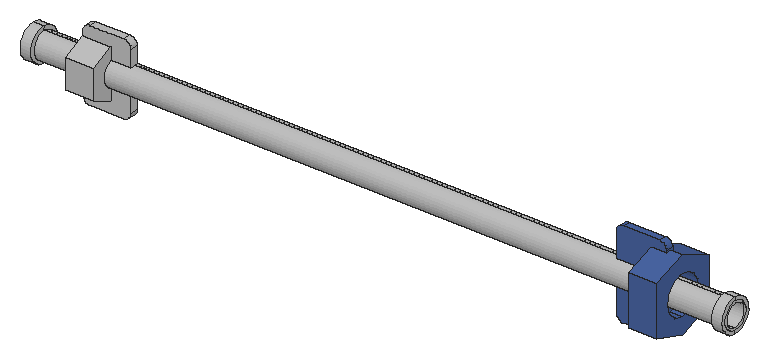
Revit family "BIM_01-1921-00", category Plumbing Fixtures, host Face, Revit 2026
Family settings
  Host = Face
  Round Connector Dimension = Use Diameter
  Part Type = Normal
  Classification Number = 23.31.11.00
  Enable Cutting in Views = No
  Cut with Voids When Loaded = No
  Maintain Annotation Orientation = No
  Shared = No
  Room Calculation Point = No
Parameters (values of type "01-1921-00")
  Waste Water Outlet = ""
  Vida Util = "100000 CICLOS"
  Tipo de Uso = "Domestico"
  Temperaturas de trabajo = "DE 5° A 71°"
  Sitio web = "https://www.gricol.com/"
  Resistencia a Corrosión = "NTC 1156 Sal Neutral"
  Referente Normativo = "NTC 5441, ASME A112.18.6 / CSA B125.6"
  Presión de Estallído = 250.00 psi
  Presión Mínima = 20.00 psi
  Presión Maxima = 125.00 psi
  Plastico - ABS + Colorante azul = Plastico - ABS + Colorante azul
  Plastico = Plástico
  Materiales del producto = "Polietileno, Polipropileno, Caucho"
  Largo = 400.00 mm
  Garantia Especifica = "20 AÑOS"
  Empaque-Alto = 40.70 mm
  Empaque-Profundidad = 27.30 mm
  Empaque-Ancho = 29.20 mm
  Diametro nominal = "5,5 mm"
  Diametro = 12.70 mm
  Waste Connection = 1 = 0  # no
  Vent Connection = 1 = 0  # no
  URL = "https://www.gricol.com/products/conector-sanitario"
  Type Image = CONECTOR SANITARIO H ½” x H 7-8”.jpg
  Product Name = "Conector Sanitario"  # constant formula
  Model = "01-1921-00 "  # constant formula
  Manufacturer = "Gricol"  # constant formula
  Link Ficha Tecnica = "https://infotecnica.gricol.com/FT_01-1921-00.pdf"
  HW Connection = 1 = 1  # yes
  Description = "Accesorio"  # constant formula
  Default Elevation = 0.00 mm
  Date Modified = "22/08/2025"  # constant formula
  Date Created = "05/28/2020"  # constant formula
  Copyright = "All rights reserved © Gricol - 2025."  # constant formula
  Conexiones = "Acometida: Rosca hembra ½” NPT.\r\nVálvula: Rosca hembra 15/16” x 14 hilos UNS"
  CW Connection = 1 = 1  # yes
  Assembly Code = ""
Reference planes
  plane 1 "Center (Front/Back)": y = 1.084
  plane 2: z = 0
  plane 3 "Center (Left/Right)": x = 4.362
  plane 4: x = 204.362
  plane 5: x = -195.638
  plane 6: x = -138.338
  plane 7: x = -165.638
  plane 8: z = 40.7
  plane 9: y = 15.684
  plane 10: y = -13.516
Dimensions and locks
  equal spacing: plane 5, plane 3 "Center (Left/Right)", plane 4
  "Largo": plane 5 to plane 4
  "Empaque-Profundidad": plane 7 to plane 6
  "Empaque-Alto": level to plane 8
  "Empaque-Ancho": plane 9 to plane 10
  locked: plane 5 to plane 7 at 30
  aligned and locked: plane 2 to host face
  aligned and locked: level to host face
  aligned and locked: plane 5 to nested 1
  aligned and locked: nested 1 to plane 4
Automatic sketch dimensions
  host sketch curve to host sketch curve = 424.871 mm
  host sketch curve to host sketch curve = 115.193 mm
Nested families
  nested 1: "CONECTOR SANITARIO H ½” x H 7-8”" at (4.362, 1.084, 0), type "CONECTOR SANITARIO H ½” x H 7-8”"
Definition of nested family "CONECTOR SANITARIO H ½” x H 7-8”"
  Parameters (values of type "CONECTOR SANITARIO H ½” x H 7-8”")
    Plastico - ABS + Colorante azul = none
    Plastico = none
    Largo = 400.00 mm
    Default Elevation = 0.00 mm
  Reference planes
    plane 1 "Center (Front/Back)": y = 0
    plane 2: z = 0
    plane 3 "Center (Left/Right)": x = 0
    plane 4: x = -200
    plane 5: y = 14.6
    plane 6: y = -14.6
    plane 7: z = 40.7
    plane 8: x = 200
    plane 9: z = 40.7
    plane 10: z = 40.7
    plane 11: x = 170
    plane 12: x = -170
    plane 13: z = 34.95
    plane 14: z = 20.35
    plane 15: x = -142.7
  Forms (mm)
    Extrusion 1, solid, material <- "Plastico - ABS + Colorante azul"
      sketch origin (-209.648, -14.487, 1215.54) x (-1, 0, 0) y (0, 0, -1)
        loop
          line (-343.598, 1174.391) -> (-343.598, 1188.391) -> (-372.148, 1188.391) -> (-372.148, 1174.391)
          arc (-372.148, 1174.391) -> (-370.976, 1171.563) -> (-368.148, 1170.391) r 4
          line (-368.148, 1170.391) -> (-347.598, 1170.391)
          arc (-347.598, 1170.391) -> (-344.769, 1171.563) -> (-343.598, 1174.391) r 4
        loop
          arc (-368.148, 1219.951) -> (-370.976, 1218.779) -> (-372.148, 1215.951) r 4
          line (-372.148, 1215.951) -> (-372.148, 1201.951) -> (-343.598, 1201.951) -> (-343.598, 1215.951)
          arc (-343.598, 1215.951) -> (-344.769, 1218.779) -> (-347.598, 1219.951) r 4
          line (-347.598, 1219.951) -> (-368.148, 1219.951)
      from -16.593 to -12.421
    Extrusion 2, solid, material <- "Plastico"
      sketch origin (209.648, -14.487, 1215.54) x (1, 0, 0) y (0, 0, 1)
        loop
          arc (-352.348, -1178.84) -> (-353.519, -1176.012) -> (-356.348, -1174.84) r 4
          line (-356.348, -1174.84) -> (-375.648, -1174.84)
          arc (-375.648, -1174.84) -> (-378.476, -1176.012) -> (-379.648, -1178.84) r 4
          line (-379.648, -1178.84) -> (-379.648, -1188.391) -> (-352.348, -1188.391) -> (-352.348, -1178.84)
        loop
          line (-375.648, -1215.54) -> (-356.348, -1215.54)
          arc (-356.348, -1215.54) -> (-353.519, -1214.369) -> (-352.348, -1211.54) r 4
          line (-352.348, -1211.54) -> (-352.348, -1201.951) -> (-379.648, -1201.951) -> (-379.648, -1211.54)
          arc (-379.648, -1211.54) -> (-378.476, -1214.369) -> (-375.648, -1215.54) r 4
      from -16.593 to -12.421
    Sweep 3, solid, material <- "Plastico"
      path origin (0, 0, 0) x (1, 0, 0) y (0, 0, 1)
        loop
          line (-200, 20.02) -> (200, 20.02)
      profile origin (0, 0, 20.02) x (0, 0, 1) y (0, -1, 0)
        loop
          circle (0.33, 0) r 6.35
        loop
          circle (0.33, 0) r 7.35
    Extrusion 4, solid, material <- "Plastico - ABS + Colorante azul"
      sketch origin (170, -4572, -7.946) x (0, 0, -1) y (0, 1, 0)
        loop
          line (-7.951, 4572) -> (-15.706, 4590.35) -> (-40.885, 4590.35) -> (-48.641, 4572) -> (-41.839, 4553.65) -> (-14.121, 4553.65) -> (-7.951, 4572)
        loop
          circle (-28.296, 4572) r 11.113
      from -16 to 0
    Extrusion 5, solid, material <- "Plastico"
      sketch origin (-170, -4572, 45.91) x (0, 0, 1) y (0, 1, 0)
        loop
          line (-40.16, 4572) -> (-33.989, 4557.4) -> (-17.761, 4557.4) -> (-10.96, 4572) -> (-17.131, 4586.6) -> (-33.989, 4586.6) -> (-40.16, 4572)
        loop
          circle (-25.56, 4572) r 7.35
      from -16 to 0
    Revolve 6, solid, material <- "Plastico - ABS + Colorante azul"
      sketch origin (0, 0, 0) x (1, 0, 0) y (0, 0, 1)
        loop
          line (154, 26.7) -> (165.044, 26.7) -> (165.044, 27.541) -> (156.897, 30.833) -> (156.897, 32.966) -> (154, 32.966) -> (154, 26.7)
        axis (154, 20.35) -> (165.044, 20.35)
      angle from 0 to 360
    Revolve 7, solid, material <- "Plastico"
      sketch origin (0, 0, 0) x (1, 0, 0) y (0, 0, 1)
        loop
          line (200, 29.674) -> (193.959, 29.674) -> (193.959, 27.686) -> (200, 27.686) -> (200, 29.674)
        axis (193.959, 20.35) -> (200, 20.35)
      angle from 0 to 360
    Revolve 8, solid, material <- "Plastico"
      sketch origin (0, 0, 0) x (-1, 0, 0) y (0, 0, -1)
        loop
          line (200, -29.674) -> (200, -27.686) -> (193.959, -27.686) -> (193.959, -29.674) -> (200, -29.674)
        axis (193.959, -20.35) -> (200, -20.35)
      angle from 0 to 360
  Cuts and joins
    joined: Extrusion 2, Extrusion 5
    joined: Extrusion 1, Extrusion 4
  Dimensions and locks
    plane 5 to plane 6 = 29.20 mm
    plane 7 to level = 40.70 mm  (x2)
    equal spacing: plane 8, plane 3 "Center (Left/Right)", plane 4
    "Largo": plane 8 to plane 4
    plane 9 to level = 40.70 mm
    locked: plane 11 to plane 8 at 30
    Extrusion 5 sketch curve to Extrusion 5 sketch curve = 29.20 mm
    locked: plane 15 to plane 12 at 27.3
    locked: plane 12 to plane 4 at 30
    aligned and locked: plane 2 to level
  Automatic sketch dimensions
    Extrusion 1 sketch curve to plane 11 = 7.50 mm  (x2)
    Extrusion 1 sketch curve to plane 7 = 0.449 mm
    Extrusion 1 sketch curve to Extrusion 1 sketch curve = 4.00 mm  (x2)
    level to Extrusion 1 sketch curve = 4.411 mm
    level to Extrusion 1 sketch curve = 0.411 mm
    Extrusion 1 sketch curve to plane 14 = 6.761 mm
    plane 14 to Extrusion 1 sketch curve = 6.799 mm
    Extrusion 2 sketch curve to plane 12 = 0.00 mm  (x2)
    Extrusion 2 sketch curve to level = 0.00 mm
    Extrusion 2 sketch curve to plane 7 = 0.00 mm
    Extrusion 2 sketch curve to plane 7 = 4.00 mm
    plane 12 to Extrusion 2 sketch curve = 4.00 mm
    level to Extrusion 2 sketch curve = 4.00 mm
    Extrusion 2 sketch curve to Extrusion 2 sketch curve = 19.30 mm  (x2)
    Extrusion 2 sketch curve to Extrusion 2 sketch curve = 4.00 mm
    plane 14 to Extrusion 2 sketch curve = 6.761 mm
    Extrusion 2 sketch curve to plane 14 = 6.799 mm
    Sweep 3 sketch curve to plane 4 = 0.00 mm
    Sweep 3 sketch curve to plane 8 = 0.00 mm
    plane 14 to Sweep 3 sketch curve = 0.33 mm
    Sweep 3 sketch curve to Sweep 3 sketch curve = 0.00 mm  (x2)
    Sweep 3 sketch curve to plane 1 "Center (Front/Back)" = 0.00 mm
    Sweep 3 sketch curve to profile plane = 0.33 mm
    Extrusion 4 sketch curve to plane 1 "Center (Front/Back)" = 0.00 mm  (x3)
    plane 14 to Extrusion 4 sketch curve = 0.00 mm
    Extrusion 4 sketch curve to plane 5 = 3.75 mm
    Extrusion 4 sketch curve to plane 7 = 7.761 mm
    Extrusion 4 sketch curve to plane 7 = 6.806 mm
    Extrusion 4 sketch curve to plane 7 = 0.005 mm
    level to Extrusion 4 sketch curve = 7.761 mm
    level to Extrusion 4 sketch curve = 6.176 mm
    level to Extrusion 4 sketch curve = 0.005 mm
    plane 6 to Extrusion 4 sketch curve = 3.75 mm
    Extrusion 5 sketch curve to plane 1 "Center (Front/Back)" = 0.00 mm  (x3)
    Extrusion 5 sketch curve to plane 5 = 0.00 mm
    plane 14 to Extrusion 5 sketch curve = 0.00 mm
    Extrusion 5 sketch curve to plane 13 = 0.00 mm
    plane 14 to Extrusion 5 sketch curve = 8.429 mm  (x2)
    level to Extrusion 5 sketch curve = 5.75 mm
    Extrusion 5 sketch curve to plane 13 = 6.801 mm
    Extrusion 5 sketch curve to plane 13 = 6.171 mm
    Revolve 6 sketch curve to plane 14 = 0.00 mm
    Revolve 6 sketch curve to Revolve 6 sketch curve = 2.897 mm
    plane 11 to Revolve 6 sketch curve = 4.956 mm
    Revolve 6 sketch curve to plane 14 = 6.35 mm
    Revolve 6 sketch curve to Revolve 6 sketch curve = 0.841 mm
    Revolve 6 sketch curve to Revolve 6 sketch curve = 4.133 mm
    Revolve 6 sketch curve to Revolve 6 sketch curve = 2.133 mm
    plane 11 to Revolve 6 sketch curve = 2.879 mm
    Revolve 7 sketch curve to plane 14 = 0.00 mm
    Revolve 7 sketch curve to plane 8 = 0.00 mm
    Revolve 7 sketch curve to Revolve 7 sketch curve = 6.041 mm
    Revolve 7 sketch curve to plane 14 = 7.336 mm
    Revolve 7 sketch curve to Revolve 7 sketch curve = 1.988 mm
    Revolve 7 sketch curve to Revolve 7 sketch curve = 2.976 mm
    plane 8 to Revolve 7 sketch curve = 4.463 mm
    Revolve 8 sketch curve to plane 14 = 0.00 mm
    Revolve 8 sketch curve to plane 4 = 0.00 mm
    Revolve 8 sketch curve to Revolve 8 sketch curve = 6.041 mm
    Revolve 8 sketch curve to plane 14 = 7.336 mm
    Revolve 8 sketch curve to Revolve 8 sketch curve = 1.988 mm
    Revolve 8 sketch curve to Revolve 8 sketch curve = 2.976 mm
    Revolve 8 sketch curve to plane 4 = 4.463 mm
    Extrusion 1 sketch curve to Extrusion 1 sketch curve = 20.55 mm  (x2)
    Extrusion 1 sketch curve to Extrusion 1 sketch curve = 0.00 mm
    Revolve 6 sketch curve to Revolve 6 sketch curve = 8.147 mm
    Revolve 6 sketch curve to Revolve 6 sketch curve = 9.158 mm
    radius of Sweep 3 sketch curve = 6.35 mm
    radius of Sweep 3 sketch curve = 7.35 mm
    radius of Extrusion 4 sketch curve = 11.113 mm
    radius of Extrusion 5 sketch curve = 7.35 mm
